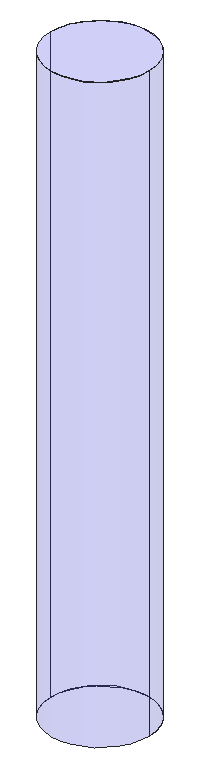
Revit family
Parameters (values of type "150mm Diameter")
  Wattage = 100 W
  built-in parameter 1150110 = 1 (stored number, unit not read)
  built-in parameter 1114217 = 1 (stored number, unit not read)
  built-in parameter 1150109 = 1 (stored number, unit not read)
  built-in parameter 1150134 = 4
  built-in parameter 1150113 = 1 (stored number, unit not read)
  Material = Glass
  built-in parameter 1150105 = 95.493 (stored number, unit not read)
  Lumens = 1200 lm
  built-in parameter 1150115 = 1 (stored number, unit not read)
  Light Source Symbol Size = 609.6 mm
  built-in parameter 1150137 = (empty or 0)
  built-in parameter 1150139 = (empty or 0)
  built-in parameter 1150112 = 1 (stored number, unit not read)
  built-in parameter 1150114 = 1 (stored number, unit not read)
  built-in parameter 1150132 = (empty or 0)
  built-in parameter 1150102 = (empty or 0)
  built-in parameter 1150107 = 2800 (stored number, unit not read)
  built-in parameter 1150138 = (empty or 0)
  built-in parameter 1150106 = 0.95493 (stored number, unit not read)
  Emit from Line Length = 900 mm
  built-in parameter 1150104 = 1.1148 (stored number, unit not read)
  Dimming Lamp Color Temperature Shift = (empty or 0)
  Color Filter = 16777215
  built-in parameter 1114218 = 1 (stored number, unit not read)
  built-in parameter 1150133 = 10 (stored number, unit not read)
Reference planes
  plane 1 "Center (Front/Back)": y = -75
  plane 2: z = 0
  plane 3 "Center (Left/Right)": x = 1.2
  plane 4: x = 76.2
  plane 5: y = -150
  plane 6: y = 0
  plane 7: x = -73.8
  plane 8: z = 900
  plane 9: z = 450
Forms (mm)
  Extrusion 1, solid, material "Glass" <- "Material"
    sketch origin (0, 0, 0) x (1, 0, 0) y (0, 1, 0)
      loop
        circle (1.2, -75) r 75
    from 0 to 900
Lines and regions (mm)
  symbolic lines
    curve 1: arc (76.2, -75, 0) -> (1.2, 0, 0) -> (-73.8, -75, 0) r 75
    curve 2: arc (-73.8, -75, 0) -> (1.2, -150, 0) -> (76.2, -75, 0) r 75
Dimensions and locks
  locked: plane 7 to plane 4 at 150
  locked: plane 5 to plane 6 at 150
  equal spacing: plane 7, plane 3 "Center (Left/Right)", plane 4
  equal spacing: plane 5, plane 1 "Center (Front/Back)", plane 6
  locked: plane 8 to plane 2 at 900
  equal spacing: plane 8, plane 9, plane 2
  aligned and locked: Extrusion 1 to plane 8
  aligned and locked: imposter light to plane 9
  aligned and locked: imposter light to plane 3 "Center (Left/Right)"
